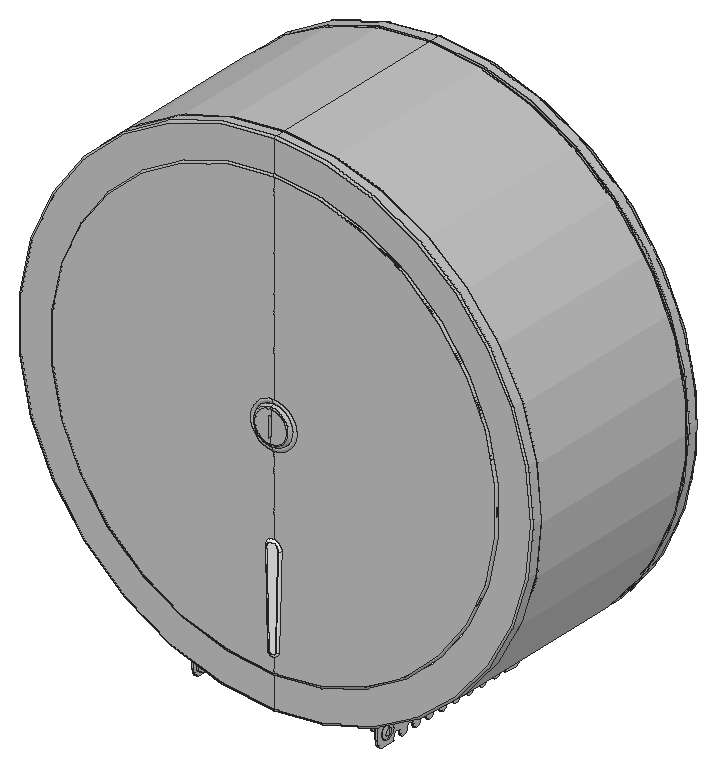
Revit family "Reece_Accessory_Wolfen_Toilet Paper Dispenser_Jumbo", category Plumbing Fixtures, Revit 2018
Family settings
  Round Connector Dimension = Use Diameter
  Part Type = Normal
  Work Plane-Based = Yes
  Always vertical = Yes
  Cut with Voids When Loaded = Yes
  Shared = Yes
  Room Calculation Point = Yes
Parameters
  URL = "https://www.reece.com.au/product/-2263887"
  Type Comments = "Accessory"
  Reece_Product_Web Page = "https://www.reece.com.au/product/-2263887"
  Reece_Product_Type = "Accessory"  # constant formula
  Reece_Product_Sub Brand = "Wolfen"  # constant formula
  Reece_Product_Number = "2263887"
  Reece_Product_Mount = "Wall Mounted"
  Reece_Product_Description = "Wolfen Jumbo Toilet Paper Dispenser Stainless Steel"
  Reece_Product_Brand = "Wolfen"  # constant formula
  Reece_Overall_Width = 310 mm  # constant formula
  Reece_Overall_Length = 310 mm  # constant formula
  Reece_Overall_Height = 310 mm  # constant formula
  Reece_Material_Secondary = Reece_Plastic_Transparent
  Reece_Material_Main = Reece_Brass_Brushed Stainless Steel
  Reece_Height_From_Level [instance] = 1000 mm
  Reece_Detail_Shape = "Jumbo"  # constant formula
  Reece_Detail_Disclaimer = "THIS FILE IS THE PROPERTY OF THE REECE GROUP. IT MAY NOT BE REPRODUCED, REVERSE-ENGINEERED OR MODIFIED. ANY REPUBLICATION, TRANSMISSION OR DISTRIBUTION FOR THE PURPOSE OF COMMERCIALLY EXPLOITING THE FILES IS PROHIBITED."  # constant formula
  Reece_Detail_Additional = "Toilet Paper Dispenser"  # constant formula
  Reece_Accessory_Projection = 128 mm  # constant formula
  Model = "Wolfen"
  Manufacturer = "Wolfen"
  Keynote = "Product #2263887, Reece_Accessory_Wolfen_Toilet Paper Dispenser_Jumbo -  "
  Disclaimer = "THIS FILE IS THE PROPERTY OF THE REECE GROUP. IT MAY NOT BE REPRODUCED, REVERSE-ENGINEERED OR MODIFIED. ANY REPUBLICATION, TRANSMISSION OR DISTRIBUTION FOR THE PURPOSE OF COMMERCIALLY EXPLOITING THE FILES IS PROHIBITED."  # constant formula
  Description = "Wolfen Jumbo Toilet Paper Dispenser Stainless Steel"
  Default Elevation = 0 mm
Types (2, lengths in mm): name | Keynote
  (no name) | "Product #2263887, Reece_Accessory_Wolfen_Toilet Paper Dispenser_Jumbo -  "
  Stainless Steel | "Product #2263887, Reece_Accessory_Wolfen_Toilet Paper Dispenser_Jumbo - Stainless Steel"
Reference planes
  plane 1 "Center (Front/Back)": y = 0
  plane 2 "Bottom Host Plane": z = -5
  plane 3 "Center (Left/Right)": x = 0
  plane 4 "Fixing Point": z = 1000
  plane 5: y = -128
  plane 6: z = 1155
  plane 7: z = 845
Forms (mm)
  Revolve 1, solid, material "Reece_Brass_Brushed Stainless Steel" <- "Reece_Material_Main"
    sketch origin (0, 0, 0) x (0, 1, 0) y (0, 0, 1)
      loop
        line (-118.892, 1155.162) -> (-118.892, 1154.36) -> (-119.705, 1154.36) -> (-119.705, 1155.163) -> (-125.217, 1155.162)
        arc (-125.217, 1155.162) -> (-125.92, 1154.871) -> (-126.21, 1154.169) r 0.994
        line (-126.21, 1154.169) -> (-126.21, 1135.138)
        arc (-126.21, 1135.138) -> (-126.901, 1134.852) -> (-127.187, 1134.162) r 0.976
        line (-127.187, 1134.162) -> (-127.187, 1000) -> (0, 1000) -> (0, 1133.92)
        arc (0, 1133.92) -> (-0.385, 1134.819) -> (-1.301, 1135.162) r 1.244
        line (-1.301, 1135.162) -> (-1.301, 1153.974)
        arc (-1.301, 1153.974) -> (-1.65, 1154.814) -> (-2.49, 1155.162) r 1.188
        line (-2.49, 1155.162) -> (-7.807, 1155.162) -> (-7.807, 1153.21) -> (-8.783, 1153.21) -> (-8.783, 1154.19)
        arc (-8.783, 1154.19) -> (-9.067, 1154.878) -> (-9.755, 1155.162) r 0.972
        line (-9.755, 1155.162) -> (-118.892, 1155.162)
      axis (0, 1000) -> (-127.187, 1000)
    angle from 0 to 360
  Extrusion 2, void
    sketch origin (0, 0, 0) x (1, 0, 0) y (0, 0, 1)
      loop
        line (-1.14, 1006.018) -> (-1.14, 993.982) -> (0.976, 993.981) -> (0.976, 1006.018) -> (-1.14, 1006.018)
      loop
        arc (3.483, 933.423) -> (-0.037, 937.032) -> (-3.558, 933.423) r 3.522
        line (-3.558, 933.423) -> (-2.195, 878.477)
        arc (-2.195, 878.477) -> (-0.037, 876.372) -> (2.12, 878.477) r 2.158
        line (2.12, 878.477) -> (3.483, 933.423)
    from 126.211 to 134.233
  Revolve 3, solid, material "Reece_Brass_Brushed Stainless Steel" <- "Reece_Material_Main"
    sketch origin (0, -1.562, 0) x (0, 1, 0) y (0, 0, 1)
      loop
        line (-122.953, 1000) -> (-122.953, 1012.353)
        arc (-122.953, 1012.353) -> (-125.433, 1011.68) -> (-127.65, 1010.378) r 9.683
        arc (-127.65, 1010.378) -> (-127.908, 1010.058) -> (-128, 1009.659) r 0.913
        line (-128, 1009.659) -> (-128, 1000) -> (-122.953, 1000)
      axis (-122.953, 1000) -> (-128, 1000)
    angle from 0 to 360
  Revolve 4, solid, material "Reece_Brass_Brushed Stainless Steel" <- "Reece_Material_Main"
    sketch origin (0, 0.372, 0) x (0, 1, 0) y (0, 0, 1)
      loop
        arc (-127.2, 1013.819) -> (-128.257, 1012.762) -> (-127.2, 1011.705) r 1.057
        line (-127.2, 1011.705) -> (-125.861, 1011.705) -> (-125.861, 1013.819) -> (-127.2, 1013.819)
      axis (-125.861, 1000) -> (-127.2, 1000)
    angle from 0 to 360
  Extrusion 5, void
    sketch origin (0, 0, 0) x (1, 0, 0) y (0, 0, 1)
      loop
        line (84.25, 1064.06) -> (84.25, 1055.461)
        arc (84.25, 1055.461) -> (86.771, 1044.035) -> (89.292, 1055.461) r 5.991
        line (89.292, 1055.461) -> (89.292, 1072.562)
        arc (89.292, 1072.562) -> (86.771, 1075.083) -> (84.251, 1072.562) r 2.521
        line (84.251, 1072.562) -> (84.251, 1071.135)
        arc (84.251, 1071.135) -> (83.947, 1070.403) -> (83.215, 1070.099) r 1.035
        line (83.215, 1070.099) -> (59.335, 1070.099)
        arc (59.335, 1070.099) -> (56.814, 1067.578) -> (59.335, 1065.057) r 2.521
        line (59.335, 1065.057) -> (83.253, 1065.057)
        arc (83.253, 1065.057) -> (83.958, 1064.765) -> (84.25, 1064.06) r 0.997
      loop
        line (20.981, 1022.703) -> (20.981, 994.308) -> (27.626, 994.308)
        arc (27.626, 994.308) -> (30.288, 995.41) -> (31.39, 998.073) r 3.765
        line (31.39, 998.073) -> (31.39, 1017.144)
        arc (31.39, 1017.144) -> (30.219, 1019.972) -> (27.39, 1021.144) r 4
        line (27.39, 1021.144) -> (23.258, 1021.144) -> (23.258, 1022.873)
        arc (23.258, 1022.873) -> (22.431, 1024.87) -> (20.433, 1025.698) r 2.825
        line (20.433, 1025.698) -> (18.867, 1025.698) -> (18.867, 1029.668)
        arc (18.867, 1029.668) -> (17.696, 1032.496) -> (14.867, 1033.668) r 4
        line (14.867, 1033.668) -> (-14.704, 1033.668)
        arc (-14.704, 1033.668) -> (-17.532, 1032.496) -> (-18.704, 1029.668) r 4
        line (-18.704, 1029.668) -> (-18.704, 1025.698) -> (-20.595, 1025.698)
        arc (-20.595, 1025.698) -> (-22.363, 1024.966) -> (-23.095, 1023.198) r 2.5
        line (-23.095, 1023.198) -> (-23.095, 1021.144) -> (-27.267, 1021.144)
        arc (-27.267, 1021.144) -> (-30.068, 1019.984) -> (-31.229, 1017.183) r 3.961
        line (-31.229, 1017.183) -> (-31.229, 997.808)
        arc (-31.229, 997.808) -> (-30.204, 995.333) -> (-27.729, 994.308) r 3.5
        line (-27.729, 994.308) -> (-20.819, 994.308) -> (-20.819, 1022.679)
        arc (-20.819, 1022.679) -> (-20.649, 1023.089) -> (-20.239, 1023.259) r 0.58
        line (-20.239, 1023.259) -> (20.425, 1023.259)
        arc (20.425, 1023.259) -> (20.819, 1023.096) -> (20.981, 1022.703) r 0.556
      loop
        arc (-84.25, 1064.06) -> (-83.958, 1064.765) -> (-83.253, 1065.057) r 0.997
        line (-83.253, 1065.057) -> (-59.335, 1065.057)
        arc (-59.335, 1065.057) -> (-56.814, 1067.578) -> (-59.335, 1070.099) r 2.521
        line (-59.335, 1070.099) -> (-83.215, 1070.099)
        arc (-83.215, 1070.099) -> (-83.947, 1070.403) -> (-84.251, 1071.135) r 1.035
        line (-84.251, 1071.135) -> (-84.251, 1072.562)
        arc (-84.251, 1072.562) -> (-86.771, 1075.083) -> (-89.292, 1072.562) r 2.521
        line (-89.292, 1072.562) -> (-89.292, 1055.461)
        arc (-89.292, 1055.461) -> (-86.771, 1044.035) -> (-84.25, 1055.461) r 5.991
        line (-84.25, 1055.461) -> (-84.25, 1064.06)
    from 0 to 3.323
  Extrusion 6, solid, material "Reece_Brass_Brushed Stainless Steel" <- "Reece_Material_Main"
    sketch origin (0, 0, 0) x (0, 1, 0) y (0, 0, -1)
      loop
        line (-118.893, -1000) -> (-9.76, -1000) -> (-9.76, -844.958)
        arc (-9.76, -844.958) -> (-11.224, -841.423) -> (-14.76, -839.958) r 5
        line (-14.76, -839.958) -> (-21.794, -839.958)
        arc (-21.794, -839.958) -> (-21.698, -841.404) -> (-21.794, -842.849) r 10.856
        arc (-21.794, -842.849) -> (-24.439, -845.011) -> (-26.772, -842.516) r 2.5
        arc (-26.772, -842.516) -> (-29.272, -840.016) -> (-31.772, -842.516) r 2.5
        arc (-31.772, -842.516) -> (-34.272, -845.016) -> (-36.772, -842.516) r 2.5
        arc (-36.772, -842.516) -> (-39.272, -840.016) -> (-41.772, -842.516) r 2.5
        arc (-41.772, -842.516) -> (-44.272, -845.016) -> (-46.772, -842.516) r 2.5
        arc (-46.772, -842.516) -> (-49.272, -840.016) -> (-51.772, -842.516) r 2.5
        arc (-51.772, -842.516) -> (-54.272, -845.016) -> (-56.772, -842.516) r 2.5
        arc (-56.772, -842.516) -> (-59.272, -840.016) -> (-61.772, -842.516) r 2.5
        arc (-61.772, -842.516) -> (-64.272, -845.016) -> (-66.772, -842.516) r 2.5
        arc (-66.772, -842.516) -> (-69.272, -840.016) -> (-71.772, -842.516) r 2.5
        arc (-71.772, -842.516) -> (-74.272, -845.016) -> (-76.772, -842.516) r 2.5
        arc (-76.772, -842.516) -> (-79.272, -840.016) -> (-81.772, -842.516) r 2.5
        arc (-81.772, -842.516) -> (-84.272, -845.016) -> (-86.772, -842.516) r 2.5
        arc (-86.772, -842.516) -> (-89.272, -840.016) -> (-91.772, -842.516) r 2.5
        arc (-91.772, -842.516) -> (-94.272, -845.016) -> (-96.772, -842.516) r 2.5
        arc (-96.772, -842.516) -> (-99.272, -840.016) -> (-101.772, -842.516) r 2.5
        arc (-101.772, -842.516) -> (-104.272, -845.016) -> (-106.772, -842.516) r 2.5
        arc (-106.772, -842.516) -> (-106.878, -841.238) -> (-106.772, -839.96) r 7.785
        line (-106.772, -839.96) -> (-113.893, -839.96)
        arc (-113.893, -839.96) -> (-117.428, -841.424) -> (-118.893, -844.96) r 5
        line (-118.893, -844.96) -> (-118.893, -1000)
    from 54.811 to 55.787
  Extrusion 7, solid, material "Reece_Brass_Brushed Stainless Steel" <- "Reece_Material_Main"
    sketch origin (0, 0, 0) x (0, 1, 0) y (0, 0, -1)
      loop
        line (-107.507, -842.215) -> (-113.227, -842.215)
        arc (-113.227, -842.215) -> (-116.269, -843.475) -> (-117.529, -846.518) r 4.302
        line (-117.529, -846.518) -> (-117.529, -856.092) -> (-107.507, -856.092) -> (-107.507, -842.215)
    from 53.185 to 54.811
  Revolve 8, solid, material "Reece_Brass_Brushed Stainless Steel" <- "Reece_Material_Main"
    sketch origin (0, -112.108, 849.406) x (0, 0, -1) y (1, 0, 0)
      loop
        line (-0.475, -48.273) -> (-0.473, -55.787) -> (-2.425, -55.787) -> (-2.426, -56.763) -> (-0.311, -57.089) -> (1.638, -57.089) -> (1.638, -47.167) -> (0.631, -47.167)
        arc (0.631, -47.167) -> (-0.151, -47.491) -> (-0.475, -48.273) r 1.106
      axis (1.638, -47.167) -> (1.638, -57.089)
    angle from 0 to 360
  Revolve 9, solid, material "Reece_Brass_Brushed Stainless Steel" <- "Reece_Material_Main"
    sketch origin (0, -112.108, 849.406) x (0, 0, -1) y (1, 0, 0)
      loop
        arc (-0.475, 48.273) -> (-0.151, 47.491) -> (0.631, 47.167) r 1.106
        line (0.631, 47.167) -> (1.638, 47.167) -> (1.638, 57.089) -> (-0.311, 57.089) -> (-2.426, 56.763) -> (-2.425, 55.787) -> (-0.473, 55.787) -> (-0.475, 48.273)
      axis (1.638, 47.167) -> (1.638, 57.089)
    angle from 0 to 360
  Extrusion 10, solid, material "Reece_Brass_Brushed Stainless Steel" <- "Reece_Material_Main"
    sketch origin (0, 0, 0) x (0, 1, 0) y (0, 0, 1)
      loop
        line (-118.893, 1000) -> (-118.893, 844.96)
        arc (-118.893, 844.96) -> (-117.428, 841.424) -> (-113.893, 839.96) r 5
        line (-113.893, 839.96) -> (-106.772, 839.96)
        arc (-106.772, 839.96) -> (-106.878, 841.238) -> (-106.772, 842.516) r 7.785
        arc (-106.772, 842.516) -> (-104.272, 845.016) -> (-101.772, 842.516) r 2.5
        arc (-101.772, 842.516) -> (-99.272, 840.016) -> (-96.772, 842.516) r 2.5
        arc (-96.772, 842.516) -> (-94.272, 845.016) -> (-91.772, 842.516) r 2.5
        arc (-91.772, 842.516) -> (-89.272, 840.016) -> (-86.772, 842.516) r 2.5
        arc (-86.772, 842.516) -> (-84.272, 845.016) -> (-81.772, 842.516) r 2.5
        arc (-81.772, 842.516) -> (-79.272, 840.016) -> (-76.772, 842.516) r 2.5
        arc (-76.772, 842.516) -> (-74.272, 845.016) -> (-71.772, 842.516) r 2.5
        arc (-71.772, 842.516) -> (-69.272, 840.016) -> (-66.772, 842.516) r 2.5
        arc (-66.772, 842.516) -> (-64.272, 845.016) -> (-61.772, 842.516) r 2.5
        arc (-61.772, 842.516) -> (-59.272, 840.016) -> (-56.772, 842.516) r 2.5
        arc (-56.772, 842.516) -> (-54.272, 845.016) -> (-51.772, 842.516) r 2.5
        arc (-51.772, 842.516) -> (-49.272, 840.016) -> (-46.772, 842.516) r 2.5
        arc (-46.772, 842.516) -> (-44.272, 845.016) -> (-41.772, 842.516) r 2.5
        arc (-41.772, 842.516) -> (-39.272, 840.016) -> (-36.772, 842.516) r 2.5
        arc (-36.772, 842.516) -> (-34.272, 845.016) -> (-31.772, 842.516) r 2.5
        arc (-31.772, 842.516) -> (-29.272, 840.016) -> (-26.772, 842.516) r 2.5
        arc (-26.772, 842.516) -> (-24.439, 845.011) -> (-21.794, 842.849) r 2.5
        arc (-21.794, 842.849) -> (-21.698, 841.404) -> (-21.794, 839.958) r 10.856
        line (-21.794, 839.958) -> (-14.76, 839.958)
        arc (-14.76, 839.958) -> (-11.224, 841.423) -> (-9.76, 844.958) r 5
        line (-9.76, 844.958) -> (-9.76, 1000) -> (-118.893, 1000)
    from 54.811 to 55.787
  Extrusion 11, solid, material "Reece_Brass_Brushed Stainless Steel" <- "Reece_Material_Main"
    sketch origin (107.986, 0, 0) x (0, 1, 0) y (0, 0, -1)
      loop
        line (-107.507, -842.215) -> (-113.227, -842.215)
        arc (-113.227, -842.215) -> (-116.269, -843.475) -> (-117.529, -846.518) r 4.302
        line (-117.529, -846.518) -> (-117.529, -856.092) -> (-107.507, -856.092) -> (-107.507, -842.215)
    from 53.185 to 54.811
  Extrusion 12, solid, material "Reece_Brass_Brushed Stainless Steel" <- "Reece_Material_Main"
    sketch origin (0, 0, 0) x (1, 0, 0) y (0, 0, 1)
      loop
        arc (-20.819, 1022.703) -> (-20.656, 1023.096) -> (-20.262, 1023.259) r 0.556
        line (-20.262, 1023.259) -> (20.402, 1023.259)
        arc (20.402, 1023.259) -> (20.812, 1023.089) -> (20.981, 1022.679) r 0.58
        line (20.981, 1022.679) -> (20.981, 994.308) -> (27.892, 994.308)
        arc (27.892, 994.308) -> (30.366, 995.333) -> (31.392, 997.808) r 3.5
        line (31.392, 997.808) -> (31.392, 1017.183)
        arc (31.392, 1017.183) -> (30.231, 1019.984) -> (27.43, 1021.144) r 3.961
        line (27.43, 1021.144) -> (23.258, 1021.144) -> (23.258, 1023.198)
        arc (23.258, 1023.198) -> (22.525, 1024.966) -> (20.758, 1025.698) r 2.5
        line (20.758, 1025.698) -> (18.867, 1025.698) -> (18.867, 1029.668)
        arc (18.867, 1029.668) -> (17.695, 1032.496) -> (14.867, 1033.668) r 4
        line (14.867, 1033.668) -> (-14.705, 1033.668)
        arc (-14.705, 1033.668) -> (-17.533, 1032.496) -> (-18.705, 1029.668) r 4
        line (-18.705, 1029.668) -> (-18.705, 1025.698) -> (-20.271, 1025.698)
        arc (-20.271, 1025.698) -> (-22.268, 1024.87) -> (-23.095, 1022.873) r 2.825
        line (-23.095, 1022.873) -> (-23.095, 1021.144) -> (-27.228, 1021.144)
        arc (-27.228, 1021.144) -> (-30.056, 1019.972) -> (-31.228, 1017.144) r 4
        line (-31.228, 1017.144) -> (-31.228, 998.073)
        arc (-31.228, 998.073) -> (-30.125, 995.41) -> (-27.463, 994.308) r 3.765
        line (-27.463, 994.308) -> (-20.819, 994.308) -> (-20.819, 1022.703)
    from -0.899 to 10.256
  Sweep 13, solid, material "Reece_Plastic_Transparent" <- "Reece_Material_Secondary"
    path origin (0, -127.187, 0) x (1, 0, 0) y (0, 0, -1)
      loop
        arc (3.298, -878.448) -> (-0.037, -875.194) -> (-3.373, -878.448) r 3.337
        line (-3.373, -878.448) -> (-4.736, -933.394)
        arc (-4.736, -933.394) -> (-0.037, -938.211) -> (4.661, -933.394) r 4.7
        line (4.661, -933.394) -> (3.298, -878.448)
    profile origin (3.98, -127.187, 905.921) x (0.999692, 0, -0.024797) y (0, 1, 0)
      loop
        line (0, 0) -> (-1.178, 0) -> (-1.178, -1.178)
        arc (-1.178, -1.178) -> (-0.345, -0.833) -> (0, 0) r 1.178
  Extrusion 14, solid, material "Reece_Plastic_Transparent" <- "Reece_Material_Secondary"
    sketch origin (0, 1.46, 0) x (1, 0, 0) y (0, 0, 1)
      loop
        arc (3.483, 933.423) -> (-0.037, 937.032) -> (-3.558, 933.423) r 3.522
        line (-3.558, 933.423) -> (-2.195, 878.477)
        arc (-2.195, 878.477) -> (-0.037, 876.372) -> (2.12, 878.477) r 2.158
        line (2.12, 878.477) -> (3.483, 933.423)
    from 128.647 to 129.825
Cuts and joins
  Extrusion 2, Extrusion 5 cuts Revolve 1
  Extrusion 2 cuts Revolve 3
  joined: Revolve 1, Revolve 3, Revolve 4, Extrusion 6, Extrusion 7, Revolve 8, Revolve 9, Extrusion 10
Lines and regions (mm)
  model lines, style "InvisibleLines"
    curve 1: line (0, 0, -5) -> (0, 0, 1000)
Text (mm)
  text "Reece ©" at (2525.449, -2102.871, 3388.493), in view "Reece Preview"
  text "Reece Copyright © 2018, Reece Ltd." at (186.3, -187.654, -1020.679), in view "Ref. Level"
Dimensions and locks
  locked: plane 2 "Bottom Host Plane" to level at 5
  "Reece_Height_From_Level": plane 4 "Fixing Point" to level
  "Reece_Accessory_Projection": plane 1 "Center (Front/Back)" to plane 5
  "Reece_Accessory_Projection": plane 5 to plane 1 "Center (Front/Back)"
  "Reece_Overall_Height": plane 7 to plane 6
  plane 6 to plane 7 = 310 mm
  plane 7 to plane 6 = 310 mm
  plane 5 to plane 1 "Center (Front/Back)" = 128 mm
  plane 4 "Fixing Point" to Revolve 1 sketch curve to Revolve 1 sketch curve to Revolve 1 sketch curve to Revolve 1 sketch curve to Revolve 1 sketch curve to Revolve 1 sketch curve to Revolve 1 sketch curve to Revolve 1 sketch curve to Revolve 1 sketch curve to Revolve 1 sketch curve to Revolve 1 sketch curve to Revolve 1 sketch curve to Revolve 1 sketch curve to Revolve 1 sketch curve to Revolve 1 sketch curve to Revolve 1 sketch curve to Revolve 1 sketch curve to Revolve 1 sketch curve = 0 mm locked, 133.92 mm locked, 0.242 mm locked, 0.976 mm locked, 0.024 mm locked, 18.048 mm locked, 0 mm locked, 0.764 mm locked, 0.195 mm locked, 0.021 mm locked, 0.17 mm locked, 0 mm locked, 0.802 mm locked, 0 mm locked, 0 mm locked, 0 mm locked, 0 mm locked, 0 mm locked
  Revolve 8 sketch curve to Revolve 8 sketch curve to Revolve 8 sketch curve to Revolve 8 sketch curve to Revolve 8 sketch curve to Revolve 8 sketch curve to Revolve 8 sketch curve to Revolve 8 sketch curve to plane 4 "Fixing Point" = 0 mm locked, 1.007 mm locked, 0.942 mm locked, 0.162 mm locked, 0.001 mm locked, 1.951 mm locked, 0.001 mm locked, 148.167 mm locked
  Extrusion 6 sketch curve to Extrusion 6 sketch curve to Extrusion 6 sketch curve to Extrusion 6 sketch curve to Extrusion 6 sketch curve to Extrusion 6 sketch curve to Extrusion 6 sketch curve to Extrusion 6 sketch curve to Extrusion 6 sketch curve to Extrusion 6 sketch curve to Extrusion 6 sketch curve to Extrusion 6 sketch curve to Extrusion 6 sketch curve to Extrusion 6 sketch curve to Extrusion 6 sketch curve to Extrusion 6 sketch curve to Extrusion 6 sketch curve to Extrusion 6 sketch curve to Extrusion 6 sketch curve to Extrusion 6 sketch curve to Extrusion 6 sketch curve to Extrusion 6 sketch curve to Extrusion 6 sketch curve to Extrusion 6 sketch curve to Extrusion 6 sketch curve to Extrusion 6 sketch curve = 0 mm locked, 0.001 mm locked, 0 mm locked, 2.557 mm locked, 0 mm locked, 0 mm locked, 0 mm locked, 0 mm locked, 0 mm locked, 0 mm locked, 0 mm locked, 0 mm locked, 0 mm locked, 0 mm locked, 0 mm locked, 0 mm locked, 0 mm locked, 0 mm locked, 0 mm locked, 0 mm locked, 0.333 mm locked, 2.109 mm locked, 0.001 mm locked, 155.04 mm locked, 0 mm locked
  Revolve 9 sketch curve to Revolve 9 sketch curve to Revolve 9 sketch curve to Revolve 9 sketch curve to Revolve 9 sketch curve to Revolve 9 sketch curve to Revolve 9 sketch curve to Revolve 9 sketch curve to plane 4 "Fixing Point" = 0 mm locked, 1.007 mm locked, 0.942 mm locked, 0.162 mm locked, 0.001 mm locked, 1.951 mm locked, 0.001 mm locked, 148.167 mm locked
  Extrusion 10 sketch curve to Extrusion 10 sketch curve to Extrusion 10 sketch curve to Extrusion 10 sketch curve to Extrusion 10 sketch curve to Extrusion 10 sketch curve to Extrusion 10 sketch curve to Extrusion 10 sketch curve to Extrusion 10 sketch curve to Extrusion 10 sketch curve to Extrusion 10 sketch curve to Extrusion 10 sketch curve to Extrusion 10 sketch curve to Extrusion 10 sketch curve to Extrusion 10 sketch curve to Extrusion 10 sketch curve to Extrusion 10 sketch curve to Extrusion 10 sketch curve to Extrusion 10 sketch curve to Extrusion 10 sketch curve to Extrusion 10 sketch curve to Extrusion 10 sketch curve to Extrusion 10 sketch curve to Extrusion 10 sketch curve to Extrusion 10 sketch curve to Extrusion 10 sketch curve = 0 mm locked, 155.04 mm, 0.001 mm locked, 2.109 mm locked, 0.333 mm, 0 mm locked, 0 mm locked, 0 mm locked, 0 mm locked, 0 mm locked, 0 mm locked, 0 mm locked, 0 mm locked, 0 mm locked, 0 mm locked, 0 mm locked, 0 mm locked, 0 mm locked, 0 mm locked, 0 mm locked, 0 mm locked, 2.557 mm, 0 mm locked, 0.001 mm, 0 mm locked
  equal spacing: plane 6, plane 4 "Fixing Point", plane 7
  locked: Extrusion 7 sketch curve to plane 4 "Fixing Point" at 143.908
  locked: Extrusion 7 sketch curve to Extrusion 7 sketch curve at 13.877
  locked: Extrusion 11 sketch curve to Extrusion 11 sketch curve at 13.877
  aligned and locked: plane 4 "Fixing Point" to curve 1
  aligned and locked: Extrusion 6 sketch curve to plane 4 "Fixing Point"
Automatic sketch dimensions
  curve 1 to plane 3 "Center (Left/Right)" = 0 mm
  curve 1 to plane 2 "Bottom Host Plane" = 0 mm
  plane 4 "Fixing Point" to Revolve 1 sketch curve = 0 mm
  Revolve 1 sketch curve to plane 1 "Center (Front/Back)" = 0 mm
  plane 1 "Center (Front/Back)" to Revolve 1 sketch curve = 1.244 mm
  Revolve 1 sketch curve to Revolve 1 sketch curve = 5.317 mm
  Revolve 1 sketch curve to Revolve 1 sketch curve = 0.975 mm
  plane 5 to Revolve 1 sketch curve = 9.108 mm
  Revolve 1 sketch curve to Revolve 1 sketch curve = 0.813 mm
  plane 5 to Revolve 1 sketch curve = 2.783 mm
  Revolve 1 sketch curve to Revolve 1 sketch curve = 0 mm
  Revolve 1 sketch curve to plane 5 = 51.999 mm
  Revolve 1 sketch curve to plane 1 "Center (Front/Back)" = 45 mm
  Extrusion 2 sketch curve to plane 3 "Center (Left/Right)" = 3.558 mm
  Extrusion 2 sketch curve to plane 3 "Center (Left/Right)" = 2.195 mm
  Extrusion 2 sketch curve to plane 3 "Center (Left/Right)" = 1.14 mm
  Extrusion 2 sketch curve to plane 3 "Center (Left/Right)" = 0.037 mm  (x2)
  plane 3 "Center (Left/Right)" to Extrusion 2 sketch curve = 0.976 mm
  plane 3 "Center (Left/Right)" to Extrusion 2 sketch curve = 2.12 mm
  plane 3 "Center (Left/Right)" to Extrusion 2 sketch curve = 3.483 mm
  Extrusion 2 sketch curve to plane 7 = 33.477 mm
  Extrusion 2 sketch curve to Extrusion 2 sketch curve = 0.054 mm
  Extrusion 2 sketch curve to Extrusion 2 sketch curve = 54.947 mm
  Extrusion 2 sketch curve to Extrusion 2 sketch curve = 0.087 mm
  plane 4 "Fixing Point" to Extrusion 2 sketch curve = 6.019 mm
  Extrusion 2 sketch curve to Extrusion 2 sketch curve = 0.001 mm
  Extrusion 2 sketch curve to plane 4 "Fixing Point" = 6.018 mm
  plane 4 "Fixing Point" to Revolve 3 sketch curve = 0 mm  (x2)
  Revolve 3 sketch curve to plane 5 = 1.562 mm
  Revolve 3 sketch curve to plane 5 = 0.649 mm
  plane 5 to Revolve 3 sketch curve = 3.485 mm
  Revolve 3 sketch curve to Revolve 3 sketch curve = 1.273 mm
  Revolve 3 sketch curve to plane 4 "Fixing Point" = 2.754 mm
  Revolve 3 sketch curve to Revolve 3 sketch curve = 6.904 mm
  Revolve 3 sketch curve to Revolve 3 sketch curve = 2.694 mm
  Revolve 3 sketch curve to Revolve 3 sketch curve = 6.397 mm
  Revolve 3 sketch curve to Revolve 3 sketch curve = 1.817 mm
  plane 4 "Fixing Point" to Revolve 4 sketch curve = 0 mm
  plane 5 to Revolve 4 sketch curve = 1.172 mm
  Revolve 4 sketch curve to Revolve 4 sketch curve = 1.338 mm
  Revolve 4 sketch curve to plane 4 "Fixing Point" = 11.705 mm
  Revolve 4 sketch curve to Revolve 4 sketch curve = 1.057 mm
  Revolve 4 sketch curve to plane 5 = 7.017 mm
  plane 5 to Revolve 4 sketch curve = 5.739 mm
  Extrusion 5 sketch curve to plane 3 "Center (Left/Right)" = 89.292 mm
  Extrusion 5 sketch curve to Extrusion 5 sketch curve = 2.521 mm  (x6)
  Extrusion 5 sketch curve to Extrusion 5 sketch curve = 5.042 mm
  Extrusion 5 sketch curve to Extrusion 5 sketch curve = 0.997 mm  (x2)
  Extrusion 5 sketch curve to Extrusion 5 sketch curve = 1.035 mm  (x2)
  Extrusion 5 sketch curve to Extrusion 5 sketch curve = 23.918 mm
  plane 4 "Fixing Point" to Extrusion 5 sketch curve = 2.192 mm
  Extrusion 5 sketch curve to plane 3 "Center (Left/Right)" = 31.229 mm
  Extrusion 5 sketch curve to Extrusion 5 sketch curve = 3.5 mm
  Extrusion 5 sketch curve to Extrusion 5 sketch curve = 3.961 mm
  Extrusion 5 sketch curve to Extrusion 5 sketch curve = 4.173 mm
  Extrusion 5 sketch curve to Extrusion 5 sketch curve = 6.91 mm
  Extrusion 5 sketch curve to Extrusion 5 sketch curve = 0.224 mm
  Extrusion 5 sketch curve to Extrusion 5 sketch curve = 0.356 mm
  Extrusion 5 sketch curve to Extrusion 5 sketch curve = 1.891 mm
  Extrusion 5 sketch curve to Extrusion 5 sketch curve = 4 mm  (x2)
  plane 3 "Center (Left/Right)" to Extrusion 5 sketch curve = 14.867 mm
  Extrusion 5 sketch curve to Extrusion 5 sketch curve = 1.558 mm
  Extrusion 5 sketch curve to Extrusion 5 sketch curve = 0.008 mm
  plane 4 "Fixing Point" to Extrusion 5 sketch curve = 5.692 mm
  plane 3 "Center (Left/Right)" to Extrusion 5 sketch curve = 20.981 mm
  Extrusion 5 sketch curve to Extrusion 5 sketch curve = 2.277 mm
  Extrusion 5 sketch curve to Extrusion 5 sketch curve = 4.132 mm
  plane 4 "Fixing Point" to Extrusion 5 sketch curve = 1.927 mm
  Extrusion 5 sketch curve to Extrusion 5 sketch curve = 6.644 mm
  Extrusion 5 sketch curve to Extrusion 5 sketch curve = 40.468 mm
  Extrusion 5 sketch curve to Extrusion 5 sketch curve = 23.88 mm
  Extrusion 5 sketch curve to Extrusion 5 sketch curve = 0.038 mm
  Extrusion 5 sketch curve to plane 4 "Fixing Point" = 17.144 mm
  Extrusion 5 sketch curve to plane 4 "Fixing Point" = 17.183 mm
  Extrusion 5 sketch curve to Extrusion 5 sketch curve = 1.535 mm
  Extrusion 5 sketch curve to Extrusion 5 sketch curve = 0.171 mm
  Extrusion 5 sketch curve to Extrusion 5 sketch curve = 0.061 mm
  Extrusion 5 sketch curve to Extrusion 5 sketch curve = 3.97 mm
  Extrusion 5 sketch curve to plane 4 "Fixing Point" = 50.026 mm  (x2)
  Extrusion 5 sketch curve to Extrusion 5 sketch curve = 5.435 mm  (x2)
  Extrusion 5 sketch curve to Extrusion 5 sketch curve = 8.599 mm  (x2)
  Extrusion 5 sketch curve to Extrusion 5 sketch curve = 1.427 mm  (x2)
  plane 5 to Extrusion 6 sketch curve = 9.107 mm
  Extrusion 6 sketch curve to Extrusion 6 sketch curve = 7.121 mm
  Extrusion 6 sketch curve to Extrusion 6 sketch curve = 2.5 mm
  Extrusion 6 sketch curve to Extrusion 6 sketch curve = 5 mm  (x14)
  Extrusion 6 sketch curve to Extrusion 6 sketch curve = 0.18 mm
  Extrusion 6 sketch curve to Extrusion 6 sketch curve = 4.82 mm
  Extrusion 6 sketch curve to Extrusion 6 sketch curve = 1.718 mm
  Extrusion 6 sketch curve to Extrusion 6 sketch curve = 3.282 mm
  Extrusion 6 sketch curve to Extrusion 6 sketch curve = 2.478 mm
  Extrusion 6 sketch curve to Extrusion 6 sketch curve = 7.034 mm
  Extrusion 6 sketch curve to Extrusion 6 sketch curve = 1.278 mm
  Extrusion 6 sketch curve to Extrusion 6 sketch curve = 0 mm  (x16)
  plane 5 to Extrusion 7 sketch curve = 10.471 mm
  Extrusion 7 sketch curve to plane 7 = 1.518 mm
  Extrusion 7 sketch curve to Extrusion 7 sketch curve = 5.72 mm
  plane 3 "Center (Left/Right)" to Revolve 8 sketch curve = 57.089 mm
  Revolve 8 sketch curve to Revolve 8 sketch curve = 0.326 mm
  Revolve 8 sketch curve to Revolve 8 sketch curve = 0.975 mm
  Revolve 8 sketch curve to Revolve 8 sketch curve = 7.514 mm
  Revolve 8 sketch curve to Revolve 8 sketch curve = 0 mm  (x3)
  Revolve 8 sketch curve to Revolve 8 sketch curve = 8.819 mm
  Revolve 9 sketch curve to plane 3 "Center (Left/Right)" = 47.167 mm
  Revolve 9 sketch curve to Revolve 9 sketch curve = 1.106 mm
  Revolve 9 sketch curve to Revolve 9 sketch curve = 7.514 mm
  Revolve 9 sketch curve to Revolve 9 sketch curve = 0.975 mm
  Revolve 9 sketch curve to Revolve 9 sketch curve = 1.301 mm
  Revolve 9 sketch curve to Revolve 9 sketch curve = 0 mm  (x2)
  Revolve 9 sketch curve to Revolve 9 sketch curve = 8.819 mm
  plane 4 "Fixing Point" to Extrusion 10 sketch curve = 0 mm
  plane 5 to Extrusion 10 sketch curve = 9.107 mm
  Extrusion 10 sketch curve to Extrusion 10 sketch curve = 7.121 mm
  Extrusion 10 sketch curve to Extrusion 10 sketch curve = 2.5 mm
  Extrusion 10 sketch curve to Extrusion 10 sketch curve = 5 mm  (x14)
  Extrusion 10 sketch curve to Extrusion 10 sketch curve = 0.18 mm
  Extrusion 10 sketch curve to Extrusion 10 sketch curve = 4.82 mm
  Extrusion 10 sketch curve to Extrusion 10 sketch curve = 1.718 mm
  Extrusion 10 sketch curve to Extrusion 10 sketch curve = 3.282 mm
  Extrusion 10 sketch curve to Extrusion 10 sketch curve = 2.478 mm
  Extrusion 10 sketch curve to Extrusion 10 sketch curve = 7.034 mm
  Extrusion 10 sketch curve to Extrusion 10 sketch curve = 1.278 mm
  Extrusion 10 sketch curve to Extrusion 10 sketch curve = 0 mm  (x16)
  plane 5 to Extrusion 11 sketch curve = 10.471 mm
  Extrusion 11 sketch curve to plane 7 = 1.518 mm
  Extrusion 11 sketch curve to Extrusion 11 sketch curve = 4.302 mm
  Extrusion 11 sketch curve to Extrusion 11 sketch curve = 5.72 mm
  Extrusion 12 sketch curve to plane 3 "Center (Left/Right)" = 31.228 mm
  Extrusion 12 sketch curve to Extrusion 12 sketch curve = 3.765 mm
  Extrusion 12 sketch curve to Extrusion 12 sketch curve = 4 mm  (x3)
  Extrusion 12 sketch curve to Extrusion 12 sketch curve = 4.132 mm
  Extrusion 12 sketch curve to Extrusion 12 sketch curve = 6.644 mm
  Extrusion 12 sketch curve to Extrusion 12 sketch curve = 0.548 mm
  Extrusion 12 sketch curve to Extrusion 12 sketch curve = 0.008 mm
  Extrusion 12 sketch curve to Extrusion 12 sketch curve = 1.566 mm
  plane 3 "Center (Left/Right)" to Extrusion 12 sketch curve = 14.867 mm
  Extrusion 12 sketch curve to Extrusion 12 sketch curve = 1.535 mm  (x2)
  Extrusion 12 sketch curve to Extrusion 12 sketch curve = 1.891 mm
  plane 4 "Fixing Point" to Extrusion 12 sketch curve = 5.692 mm  (x2)
  plane 3 "Center (Left/Right)" to Extrusion 12 sketch curve = 20.981 mm
  Extrusion 12 sketch curve to Extrusion 12 sketch curve = 2.276 mm
  Extrusion 12 sketch curve to Extrusion 12 sketch curve = 4.173 mm
  plane 4 "Fixing Point" to Extrusion 12 sketch curve = 2.192 mm
  Extrusion 12 sketch curve to Extrusion 12 sketch curve = 6.91 mm
  Extrusion 12 sketch curve to plane 4 "Fixing Point" = 17.144 mm
  Extrusion 12 sketch curve to plane 4 "Fixing Point" = 17.183 mm
  Extrusion 12 sketch curve to Extrusion 12 sketch curve = 1.729 mm
  Extrusion 12 sketch curve to Extrusion 12 sketch curve = 0.061 mm
  Extrusion 12 sketch curve to Extrusion 12 sketch curve = 3.97 mm
  Sweep 13 sketch curve to plane 3 "Center (Left/Right)" = 4.736 mm
  Sweep 13 sketch curve to plane 3 "Center (Left/Right)" = 3.373 mm
  Sweep 13 sketch curve to plane 3 "Center (Left/Right)" = 0.037 mm  (x2)
  plane 3 "Center (Left/Right)" to Sweep 13 sketch curve = 3.298 mm
  plane 3 "Center (Left/Right)" to Sweep 13 sketch curve = 4.661 mm
  plane 4 "Fixing Point" to Sweep 13 sketch curve = 66.489 mm
  Sweep 13 sketch curve to Sweep 13 sketch curve = 0.117 mm
  Sweep 13 sketch curve to plane 7 = 33.53 mm
  Sweep 13 sketch curve to Sweep 13 sketch curve = 0.083 mm
  Sweep 13 sketch curve to profile plane = 0 mm  (x2)
  Sweep 13 sketch curve to Sweep 13 sketch curve = 1.178 mm
  Extrusion 14 sketch curve to plane 3 "Center (Left/Right)" = 3.558 mm
  Extrusion 14 sketch curve to plane 3 "Center (Left/Right)" = 2.195 mm
  Extrusion 14 sketch curve to plane 3 "Center (Left/Right)" = 0.037 mm  (x2)
  plane 3 "Center (Left/Right)" to Extrusion 14 sketch curve = 2.12 mm
  plane 3 "Center (Left/Right)" to Extrusion 14 sketch curve = 3.483 mm
  Extrusion 14 sketch curve to plane 7 = 33.477 mm
  Extrusion 14 sketch curve to Extrusion 14 sketch curve = 0.054 mm
  Extrusion 14 sketch curve to Extrusion 14 sketch curve = 54.947 mm
  Extrusion 14 sketch curve to Extrusion 14 sketch curve = 0.087 mm
